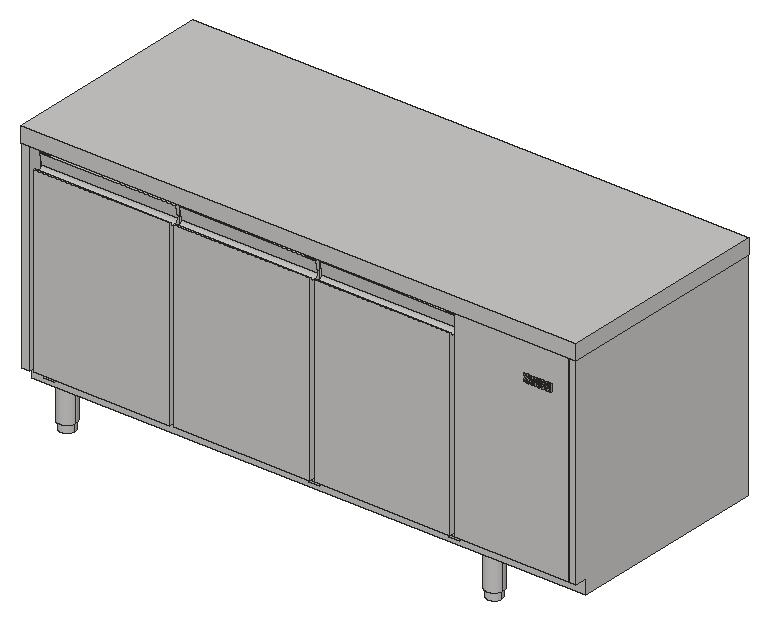
Revit family "QF_ZANUSSI_111040_ZH3HDAAA", category Specialty Equipment, Revit 2018
Family settings
  Round Connector Dimension = Use Diameter
  Part Type = Normal
  Work Plane-Based = No
  Always vertical = Yes
  Cut with Voids When Loaded = No
  Shared = No
  Room Calculation Point = No
Parameters
  Weight = 0.00 kg
  Watts = 0.0232258 W
  Volts = 220 V
  URL Manufacturer = "http://www.zanussiprofessional.com/"
  URL = "http://www.zanussiprofessional.com/"
  Steam Supply Size = 0 mm
  Steam Supply Minimum Pressure = 0.0 Pa
  Steam Supply Maximum Pressure = 0.0 Pa
  Steam Pounds per Hour = 0
  Show Logo [instance] = yes
  Show Clearance [instance] = yes
  Refrigeration Suction Line Size = 0 mm
  Refrigeration Liquid Line Size = 0 mm
  Refrigerant Compressor Remote = yes
  Manufacturer = "Zanussi"
  Phase = 1
  Model = "ZH3HDAAA"
  Length Actual = 1799 mm  # constant formula
  Item Number = "111040"
  Hot Water Size = 0 mm
  Height Actual = 900 mm  # constant formula
  HP = "0.3 HP"
  Gas Size = 0 mm
  Gas KW = 0
  Gas Input Pressure = 0 W
  Description = "3 DOORS REFR.TABLE 440L-COOLING UNIT RGT"
  Depth Actual = 700 mm  # constant formula
  Cycle = 50 Hz
  Condensate Return Size = 0 mm
  Compressed Air Volume = 0.0 L/s
  Compressed Air Size = 0 mm
  Compressed Air Pressure = 0.0 Pa
  Cold Water Size = 0 mm
  Accessory = yes
Reference planes
  plane 1 "Center X": y = 182.5
  plane 2: z = 0
  plane 3 "Center Y": x = -353.5
  plane 4: y = -62.5
  plane 5: y = 451.5
  plane 6 "BACK": y = 532.5
  plane 7 "FRONT": y = -167.5
  plane 8: x = -1185
  plane 9: x = 199
  plane 10: z = 150
  plane 11 "TOP": z = 900
  plane 12: z = 850
  plane 13 "LEFT": x = -1251
  plane 14 "RIGHT": x = 544
  plane 15: x = -1253
  plane 16: x = 546
Forms (mm)
  Extrusion 1, solid, material "QF_Finishes_Stainless Steel"
    sketch origin (-353.5, 2, 0) x (0, 1, 0) y (0, 0, 1)
      loop
        line (530.5, 150) -> (530.5, 850) -> (-124.5, 850) -> (-124.5, 150) -> (530.5, 150)
    from -897.5 to 897.5
  Extrusion 2, solid, material "QF_Finishes_Stainless Steel"
    sketch origin (-1022.223, -1524, 150) x (-1, 0, 0) y (0, -1, 0)
      loop
        line (228.777, -1361.5) -> (203.777, -1361.5) -> (203.777, -1401.5) -> (228.777, -1401.5) -> (228.777, -1361.5)
      loop
        line (-1566.223, -1401.5) -> (-1541.223, -1401.5) -> (-1541.223, -1361.5) -> (-1566.223, -1361.5) -> (-1566.223, -1401.5)
    from 47 to 700
  Extrusion 3, solid, material "QF_Finishes_Stainless Steel"
    sketch origin (0, 0, 900) x (-1, 0, 0) y (0, -1, 0)
      loop
        circle (537, -94.5) r 8.45
    from -790.577 to -750
  Extrusion 4, solid, material "QF_Finishes_Stainless Steel"
    sketch origin (0, 0, 0) x (1, 0, 0) y (0, 1, 0)
      loop
        circle (460, 451.5) r 4
    from 109.423 to 150
  Extrusion 5, solid, material "QF_Finishes_Stainless Steel"
    sketch origin (-126.5, 0, 0) x (0, 1, 0) y (0, 0, 1)
      loop
        line (-167.5, 900) -> (-167.5, 850) -> (532.5, 850) -> (532.5, 900) -> (-167.5, 900)
    from 672.5 to -1126.5
Cuts and joins
  joined: Extrusion 1, Extrusion 2
Lines and regions (mm)
  symbolic lines, style "SpecialityEquipmentHiddenLines"
    curve 1: line (-1253, -122.5, 900) -> (546, -122.5, 900)
    curve 2: line (-1129, -167.5, 900) -> (-1129, -122.5, 900)
  symbolic lines, style "SpecialityEquipment"
    curve 3: line (-1253, 532.5, 900) -> (546, 532.5, 900)
    curve 4: line (-1253, 532.5, 900) -> (-1253, -167.5, 900)
    curve 5: line (-1253, -167.5, 900) -> (546, -167.5, 900)
    curve 6: line (546, -167.5, 900) -> (546, 532.5, 900)
Dimensions and locks
  locked: plane 6 "BACK" to plane 7 "FRONT" at 700
  equal spacing: plane 6 "BACK", plane 1 "Center X", plane 7 "FRONT"
  locked: plane 6 "BACK" to plane 5 at 81
  plane 10 to level = 150 mm
  plane 11 "TOP" to plane 12 to plane 10 = 50 mm locked, 700 mm locked
  locked: Extrusion 2 sketch curve to Extrusion 2 sketch curve at 25  (x2)
  locked: plane 4 to plane 7 "FRONT" at 105
  locked: plane 6 "BACK" to Extrusion 3 sketch curve at 438
  equal spacing: plane 13 "LEFT", plane 3 "Center Y", plane 14 "RIGHT"
  plane 15 to plane 16 = 1799 mm
  plane 13 "LEFT" to plane 8 = 66 mm
  plane 9 to plane 14 "RIGHT" = 345 mm
  cut or joined group of Extrusion 1, Extrusion 2 to Extrusion 3 sketch curve = 714 mm
  Extrusion 4 sketch curve to cut or joined group of Extrusion 1, Extrusion 2 = 84 mm
  locked: plane 6 "BACK" to Extrusion 4 sketch curve at 81
  locked: plane 10 to Extrusion 4 at 40.577
  aligned and locked: level to plane 2
  aligned and locked: plane 10 to Extrusion 3
  aligned and locked: nested 4 to plane 4
  aligned and locked: nested 1 to plane 4
  aligned and locked: nested 3 to plane 5
  aligned and locked: nested 2 to plane 5
  aligned and locked: plane 8 to nested 1
  aligned and locked: plane 8 to nested 2
  aligned and locked: plane 9 to nested 4
  aligned and locked: plane 9 to nested 3
  aligned and locked: Extrusion 1 to Extrusion 2
  aligned and locked: Extrusion 2 to Extrusion 1
  aligned and locked: Extrusion 2 sketch curve to plane 14 "RIGHT"
  aligned and locked: plane 13 "LEFT" to Extrusion 2 sketch curve
  aligned and locked: cut or joined group of Extrusion 1, Extrusion 2 to plane 10
  aligned and locked: plane 12 to cut or joined group of Extrusion 1, Extrusion 2
  aligned and locked: plane 10 to Extrusion 4
Automatic sketch dimensions
  plane 7 "FRONT" to Extrusion 2 sketch curve = 45 mm  (x2)
  plane 7 "FRONT" to Extrusion 2 sketch curve = 5 mm  (x2)
  Extrusion 1 sketch curve to plane 10 = 0 mm
  Extrusion 1 sketch curve to plane 12 = 0 mm
  Extrusion 1 sketch curve to plane 6 "BACK" = 0 mm
  plane 7 "FRONT" to Extrusion 1 sketch curve = 45 mm
  Extrusion 5 sketch curve to plane 7 "FRONT" = 0 mm
  Extrusion 5 sketch curve to plane 6 "BACK" = 0 mm
  Extrusion 5 sketch curve to plane 12 = 0 mm
  Extrusion 5 sketch curve to plane 11 "TOP" = 0 mm
  curve 6 to plane 6 "BACK" = 0 mm
  curve 6 to plane 16 = 0 mm
  curve 2 to plane 7 "FRONT" = 0 mm
  curve 5 to plane 15 = 0 mm
  plane 8 to curve 2 = 56 mm
  plane 7 "FRONT" to curve 1 = 45 mm
  radius of Extrusion 3 sketch curve = 8.45 mm
  radius of Extrusion 4 sketch curve = 4 mm
Nested families
  nested 1: "Foot_Ø50_H150" at (-1185, -62.5, 0), type "Foot_Ø50_H150"
  nested 2: "Foot_Ø50_H150" at (-1185, 451.5, 0), type "Foot_Ø50_H150"
  nested 3: "Foot_Ø50_H150" at (199, 451.5, 0), type "Foot_Ø50_H150"
  nested 4: "Foot_Ø50_H150" at (199, -62.5, 0), type "Foot_Ø50_H150"
  nested 5: "Door" at (-84, -164.5, 0), Show Clearance <- "Show Clearance", type "Door"
  nested 6: "Door" at (-538, -164.5, 0), Show Clearance <- "Show Clearance", type "Door"
  nested 7: "Refrigerator" at (544, -167.5, 900), type "Refrigerator"
  nested 8: "ZAN_Cooling Unit" at (334.5, -164.5, 0), Show Logo <- "Show Logo", type "ZAN_Cooling Unit"
  nested 9: "Door" at (-992, -164.5, 0) x (-1, 0, 0) z (0, 0, 1), Show Clearance <- "Show Clearance", type "Door"
Connectors
  electrical at (460, 451.5, 109.423), driven by "Volts"
    settings: on Extrusion 4, index 4, voltage 220 V, apparent load 0 VA, apparent load phase1 0 VA, apparent load phase2 0 VA, apparent load phase3 0 VA, power factor 1, load classification "Altro", number of poles 1, system type 30, power factor state 1, is connector primary yes, connector utility no, sub classification motor no, connector description "Electrical Connection"
  piping at (-537, 94.5, 109.423), diameter 17
    settings: on Extrusion 3, index 5, connector inside diameter 609.6 mm, connector length 0 mm, flow factor 0, pipe flow 0.0 L/s, pressure drop 0.0 Pa, fitting loss kfactor 0, connector angle 0.00°, fixture units 0, engagement length 0 mm, angle of deflection 0.00°, flow configuration 1, flow direction 2, fitting loss method 0, system type 16, joint type 0, gender type 0, connector reference index -1, connector utility 0, adjustable connector no, is connector primary yes, connector description "Drain"
Definition of nested family "Foot_Ø50_H150"
  Reference planes
    plane 1 "Centro (Fronte/Retro)": y = 0
    plane 2: z = 0
    plane 3 "Centro (Sinistra/Destra)": x = 0
    plane 4: z = 150
  Forms (mm)
    Revolve 1, solid
      sketch origin (255.05, 0, 608.09) x (0, 0, 1) y (-1, 0, 0)
        loop
          line (-608.09, 255.05) -> (-608.09, 230.05) -> (-583.09, 230.05) -> (-583.09, 226.05) -> (-458.09, 226.05) -> (-458.09, 255.05) -> (-608.09, 255.05)
        axis (-608.09, 255.05) -> (-458.09, 255.05)
      angle from 0 to 360
  Dimensions and locks
    locked: Revolve 1 sketch curve to Revolve 1 sketch curve at 125
    aligned and locked: level to plane 2
    aligned and locked: plane 4 to Revolve 1 sketch curve
    aligned and locked: Revolve 1 sketch curve to level
    aligned and locked: plane 3 "Centro (Sinistra/Destra)" to Revolve 1 sketch curve
Definition of nested family "Door"
  Parameters
    Show Clearance [instance] = yes
  Reference planes
    plane 1 "FRONT": y = -3
    plane 2: z = 0
    plane 3 "Centro (Sinistra/Destra)": x = 0
    plane 4: z = 150
    plane 5: z = 850
    plane 6: x = -234
    plane 7: x = 234
    plane 8: x = -220
    plane 9: x = 220
  Forms (mm)
    Extrusion 1, solid
      sketch origin (0, 53, 511) x (0, 0, 1) y (0, -1, 0)
        loop
          line (-323.003, 28.5) -> (-316.501, 28.5) -> (-316.501, 31) -> (-325.503, 31) -> (-325.503, 13.5) -> (-345.503, 13.5) -> (-345.503, 11) -> (-323.003, 11) -> (-323.003, 23.259) -> (-323.003, 28.5)
        loop
          line (-314, 27) -> (-316.501, 27) -> (-316.501, 18.501) -> (-319.752, 18.501) -> (-319.752, 16) -> (-314, 16) -> (-314, 27)
        loop
          line (315.003, 27) -> (315.003, 13.948) -> (315.003, 11) -> (327.503, 11) -> (327.503, 13.5) -> (317.503, 13.5) -> (317.503, 27) -> (315.003, 27)
      from 185 to 220
    Extrusion 2, solid, visible <- "Show Clearance", detail levels coarse
      sketch origin (0, 53, 511) x (0, -1, 0) y (1, 0, 0)
        loop
          line (51, 220) -> (51, -220)
          arc (51, -220) -> (339.234, -79.44) -> (454, 220) r 437.168
          line (454, 220) -> (51, 220)
      from -314 to 314
    Extrusion 3, solid
      sketch origin (0, 55, 511) x (0, 0, 1) y (0, -1, 0)
        loop
          line (314, 18) -> (314, 29) -> (274.395, 22.5)
          arc (274.395, 22.5) -> (260.395, 36.5) -> (274.395, 50.5) r 14
          line (274.395, 50.5) -> (274.395, 53) -> (-314, 53) -> (-314, 18) -> (314, 18)
      from -220 to 220
  Lines and regions (mm)
    symbolic lines
      curve 1: line (220, -3, 0) -> (220, -401, 0)
      curve 2: line (220, -401, 0) -> (185, -401, 0)
      curve 3: line (185, -401, 0) -> (185, -3, 0)
      curve 4: arc (-219.722, -3, 0) -> (-89.51, -275.368, 0) -> (185, -401, 0) r 442.855
  Dimensions and locks
    aligned and locked: level to plane 2
Definition of nested family "ZAN_Cooling Unit"
  Parameters
    Show Logo [instance] = yes
  Reference planes
    plane 1 "FRONT": y = -3
    plane 2: z = 0
    plane 3 "Centro (Sinistra/Destra)": x = 0
    plane 4: z = 150
    plane 5: z = 850
    plane 6: x = -184.5
    plane 7: x = 184.5
  Forms (mm)
    Extrusion 1, solid
      sketch origin (0, 55, 511) x (0, 0, 1) y (0, -1, 0)
        loop
          line (-314, 53) -> (-314, 13) -> (339, 13) -> (339, 53) -> (-314, 53)
      from -184.5 to 184.5
  Lines and regions (mm)
    Split face 1
      outline origin (0, 2, 197) x (0, 0, 1) y (-1, 0, 0)
        loop
          line (566.835, 184.5) -> (566.835, -184.5)
        loop
          line (521.835, 184.5) -> (521.835, -184.5)
    Split face 2
      outline origin (0, 2, 197) x (0, 0, 1) y (-1, 0, 0)
        loop
          arc (510.649, 158.547) -> (506.648, 162.548) -> (502.647, 158.547) r 4.001
          line (502.647, 158.547) -> (502.647, 116.535)
          arc (502.647, 116.535) -> (506.648, 112.533) -> (510.649, 116.535) r 4.001
          line (510.649, 116.535) -> (510.649, 158.547)
    Split face 3
      outline origin (0, 2, 184.996) x (0, 0, 1) y (-1, 0, 0)
        loop
          arc (510.649, 158.547) -> (506.648, 162.548) -> (502.647, 158.547) r 4.001
          line (502.647, 158.547) -> (502.647, 116.535)
          arc (502.647, 116.535) -> (506.648, 112.533) -> (510.649, 116.535) r 4.001
          line (510.649, 116.535) -> (510.649, 158.547)
    Split face 4
      outline origin (0, 2, 172.993) x (0, 0, 1) y (-1, 0, 0)
        loop
          arc (510.649, 158.547) -> (506.648, 162.548) -> (502.647, 158.547) r 4.001
          line (502.647, 158.547) -> (502.647, 116.535)
          arc (502.647, 116.535) -> (506.648, 112.533) -> (510.649, 116.535) r 4.001
          line (510.649, 116.535) -> (510.649, 158.547)
    Split face 5
      outline origin (0, 2, 160.989) x (0, 0, 1) y (-1, 0, 0)
        loop
          arc (510.649, 158.547) -> (506.648, 162.548) -> (502.647, 158.547) r 4.001
          line (502.647, 158.547) -> (502.647, 116.535)
          arc (502.647, 116.535) -> (506.648, 112.533) -> (510.649, 116.535) r 4.001
          line (510.649, 116.535) -> (510.649, 158.547)
    Split face 6
      outline origin (0, 2, 148.986) x (0, 0, 1) y (-1, 0, 0)
        loop
          arc (510.649, 158.547) -> (506.648, 162.548) -> (502.647, 158.547) r 4.001
          line (502.647, 158.547) -> (502.647, 116.535)
          arc (502.647, 116.535) -> (506.648, 112.533) -> (510.649, 116.535) r 4.001
          line (510.649, 116.535) -> (510.649, 158.547)
    Split face 7
      outline origin (0, 2, 136.982) x (0, 0, 1) y (-1, 0, 0)
        loop
          arc (510.649, 158.547) -> (506.648, 162.548) -> (502.647, 158.547) r 4.001
          line (502.647, 158.547) -> (502.647, 116.535)
          arc (502.647, 116.535) -> (506.648, 112.533) -> (510.649, 116.535) r 4.001
          line (510.649, 116.535) -> (510.649, 158.547)
    Split face 8
      outline origin (0, 2, 124.979) x (0, 0, 1) y (-1, 0, 0)
        loop
          arc (510.649, 158.547) -> (506.648, 162.548) -> (502.647, 158.547) r 4.001
          line (502.647, 158.547) -> (502.647, 116.535)
          arc (502.647, 116.535) -> (506.648, 112.533) -> (510.649, 116.535) r 4.001
          line (510.649, 116.535) -> (510.649, 158.547)
    Split face 9
      outline origin (0, 2, 112.975) x (0, 0, 1) y (-1, 0, 0)
        loop
          arc (510.649, 158.547) -> (506.648, 162.548) -> (502.647, 158.547) r 4.001
          line (502.647, 158.547) -> (502.647, 116.535)
          arc (502.647, 116.535) -> (506.648, 112.533) -> (510.649, 116.535) r 4.001
          line (510.649, 116.535) -> (510.649, 158.547)
    Split face 10
      outline origin (0, 2, 100.972) x (0, 0, 1) y (-1, 0, 0)
        loop
          arc (510.649, 158.547) -> (506.648, 162.548) -> (502.647, 158.547) r 4.001
          line (502.647, 158.547) -> (502.647, 116.535)
          arc (502.647, 116.535) -> (506.648, 112.533) -> (510.649, 116.535) r 4.001
          line (510.649, 116.535) -> (510.649, 158.547)
    Split face 11
      outline origin (0, 2, 88.968) x (0, 0, 1) y (-1, 0, 0)
        loop
          arc (510.649, 158.547) -> (506.648, 162.548) -> (502.647, 158.547) r 4.001
          line (502.647, 158.547) -> (502.647, 116.535)
          arc (502.647, 116.535) -> (506.648, 112.533) -> (510.649, 116.535) r 4.001
          line (510.649, 116.535) -> (510.649, 158.547)
    Split face 12
      outline origin (0, 2, 76.965) x (0, 0, 1) y (-1, 0, 0)
        loop
          arc (510.649, 158.547) -> (506.648, 162.548) -> (502.647, 158.547) r 4.001
          line (502.647, 158.547) -> (502.647, 116.535)
          arc (502.647, 116.535) -> (506.648, 112.533) -> (510.649, 116.535) r 4.001
          line (510.649, 116.535) -> (510.649, 158.547)
    Split face 13
      outline origin (0, 2, 64.961) x (0, 0, 1) y (-1, 0, 0)
        loop
          arc (510.649, 158.547) -> (506.648, 162.548) -> (502.647, 158.547) r 4.001
          line (502.647, 158.547) -> (502.647, 116.535)
          arc (502.647, 116.535) -> (506.648, 112.533) -> (510.649, 116.535) r 4.001
          line (510.649, 116.535) -> (510.649, 158.547)
    Split face 14
      outline origin (0, 2, 52.958) x (0, 0, 1) y (-1, 0, 0)
        loop
          arc (510.649, 158.547) -> (506.648, 162.548) -> (502.647, 158.547) r 4.001
          line (502.647, 158.547) -> (502.647, 116.535)
          arc (502.647, 116.535) -> (506.648, 112.533) -> (510.649, 116.535) r 4.001
          line (510.649, 116.535) -> (510.649, 158.547)
    Split face 15
      outline origin (0, 2, 40.954) x (0, 0, 1) y (-1, 0, 0)
        loop
          arc (510.649, 158.547) -> (506.648, 162.548) -> (502.647, 158.547) r 4.001
          line (502.647, 158.547) -> (502.647, 116.535)
          arc (502.647, 116.535) -> (506.648, 112.533) -> (510.649, 116.535) r 4.001
          line (510.649, 116.535) -> (510.649, 158.547)
    Split face 16
      outline origin (0, 2, 28.951) x (0, 0, 1) y (-1, 0, 0)
        loop
          arc (510.649, 158.547) -> (506.648, 162.548) -> (502.647, 158.547) r 4.001
          line (502.647, 158.547) -> (502.647, 116.535)
          arc (502.647, 116.535) -> (506.648, 112.533) -> (510.649, 116.535) r 4.001
          line (510.649, 116.535) -> (510.649, 158.547)
    Split face 17
      outline origin (0, 2, 16.947) x (0, 0, 1) y (-1, 0, 0)
        loop
          arc (510.649, 158.547) -> (506.648, 162.548) -> (502.647, 158.547) r 4.001
          line (502.647, 158.547) -> (502.647, 116.535)
          arc (502.647, 116.535) -> (506.648, 112.533) -> (510.649, 116.535) r 4.001
          line (510.649, 116.535) -> (510.649, 158.547)
    Split face 18
      outline origin (55.016, 2, 197) x (0, 0, 1) y (-1, 0, 0)
        loop
          arc (510.649, 158.547) -> (506.648, 162.548) -> (502.647, 158.547) r 4.001
          line (502.647, 158.547) -> (502.647, 116.535)
          arc (502.647, 116.535) -> (506.648, 112.533) -> (510.649, 116.535) r 4.001
          line (510.649, 116.535) -> (510.649, 158.547)
    Split face 19
      outline origin (55.016, 2, 184.996) x (0, 0, 1) y (-1, 0, 0)
        loop
          arc (510.649, 158.547) -> (506.648, 162.548) -> (502.647, 158.547) r 4.001
          line (502.647, 158.547) -> (502.647, 116.535)
          arc (502.647, 116.535) -> (506.648, 112.533) -> (510.649, 116.535) r 4.001
          line (510.649, 116.535) -> (510.649, 158.547)
    Split face 20
      outline origin (55.016, 2, 172.993) x (0, 0, 1) y (-1, 0, 0)
        loop
          arc (510.649, 158.547) -> (506.648, 162.548) -> (502.647, 158.547) r 4.001
          line (502.647, 158.547) -> (502.647, 116.535)
          arc (502.647, 116.535) -> (506.648, 112.533) -> (510.649, 116.535) r 4.001
          line (510.649, 116.535) -> (510.649, 158.547)
    Split face 21
      outline origin (55.016, 2, 160.989) x (0, 0, 1) y (-1, 0, 0)
        loop
          arc (510.649, 158.547) -> (506.648, 162.548) -> (502.647, 158.547) r 4.001
          line (502.647, 158.547) -> (502.647, 116.535)
          arc (502.647, 116.535) -> (506.648, 112.533) -> (510.649, 116.535) r 4.001
          line (510.649, 116.535) -> (510.649, 158.547)
    Split face 22
      outline origin (55.016, 2, 148.986) x (0, 0, 1) y (-1, 0, 0)
        loop
          arc (510.649, 158.547) -> (506.648, 162.548) -> (502.647, 158.547) r 4.001
          line (502.647, 158.547) -> (502.647, 116.535)
          arc (502.647, 116.535) -> (506.648, 112.533) -> (510.649, 116.535) r 4.001
          line (510.649, 116.535) -> (510.649, 158.547)
    Split face 23
      outline origin (55.016, 2, 136.982) x (0, 0, 1) y (-1, 0, 0)
        loop
          arc (510.649, 158.547) -> (506.648, 162.548) -> (502.647, 158.547) r 4.001
          line (502.647, 158.547) -> (502.647, 116.535)
          arc (502.647, 116.535) -> (506.648, 112.533) -> (510.649, 116.535) r 4.001
          line (510.649, 116.535) -> (510.649, 158.547)
    Split face 24
      outline origin (55.016, 2, 124.979) x (0, 0, 1) y (-1, 0, 0)
        loop
          arc (510.649, 158.547) -> (506.648, 162.548) -> (502.647, 158.547) r 4.001
          line (502.647, 158.547) -> (502.647, 116.535)
          arc (502.647, 116.535) -> (506.648, 112.533) -> (510.649, 116.535) r 4.001
          line (510.649, 116.535) -> (510.649, 158.547)
    Split face 25
      outline origin (55.016, 2, 112.975) x (0, 0, 1) y (-1, 0, 0)
        loop
          arc (510.649, 158.547) -> (506.648, 162.548) -> (502.647, 158.547) r 4.001
          line (502.647, 158.547) -> (502.647, 116.535)
          arc (502.647, 116.535) -> (506.648, 112.533) -> (510.649, 116.535) r 4.001
          line (510.649, 116.535) -> (510.649, 158.547)
    Split face 26
      outline origin (55.016, 2, 100.972) x (0, 0, 1) y (-1, 0, 0)
        loop
          arc (510.649, 158.547) -> (506.648, 162.548) -> (502.647, 158.547) r 4.001
          line (502.647, 158.547) -> (502.647, 116.535)
          arc (502.647, 116.535) -> (506.648, 112.533) -> (510.649, 116.535) r 4.001
          line (510.649, 116.535) -> (510.649, 158.547)
    Split face 27
      outline origin (55.016, 2, 88.968) x (0, 0, 1) y (-1, 0, 0)
        loop
          arc (510.649, 158.547) -> (506.648, 162.548) -> (502.647, 158.547) r 4.001
          line (502.647, 158.547) -> (502.647, 116.535)
          arc (502.647, 116.535) -> (506.648, 112.533) -> (510.649, 116.535) r 4.001
          line (510.649, 116.535) -> (510.649, 158.547)
    Split face 28
      outline origin (55.016, 2, 76.965) x (0, 0, 1) y (-1, 0, 0)
        loop
          arc (510.649, 158.547) -> (506.648, 162.548) -> (502.647, 158.547) r 4.001
          line (502.647, 158.547) -> (502.647, 116.535)
          arc (502.647, 116.535) -> (506.648, 112.533) -> (510.649, 116.535) r 4.001
          line (510.649, 116.535) -> (510.649, 158.547)
    Split face 29
      outline origin (55.016, 2, 64.961) x (0, 0, 1) y (-1, 0, 0)
        loop
          arc (510.649, 158.547) -> (506.648, 162.548) -> (502.647, 158.547) r 4.001
          line (502.647, 158.547) -> (502.647, 116.535)
          arc (502.647, 116.535) -> (506.648, 112.533) -> (510.649, 116.535) r 4.001
          line (510.649, 116.535) -> (510.649, 158.547)
    Split face 30
      outline origin (55.016, 2, 52.958) x (0, 0, 1) y (-1, 0, 0)
        loop
          arc (510.649, 158.547) -> (506.648, 162.548) -> (502.647, 158.547) r 4.001
          line (502.647, 158.547) -> (502.647, 116.535)
          arc (502.647, 116.535) -> (506.648, 112.533) -> (510.649, 116.535) r 4.001
          line (510.649, 116.535) -> (510.649, 158.547)
    Split face 31
      outline origin (55.016, 2, 40.954) x (0, 0, 1) y (-1, 0, 0)
        loop
          arc (510.649, 158.547) -> (506.648, 162.548) -> (502.647, 158.547) r 4.001
          line (502.647, 158.547) -> (502.647, 116.535)
          arc (502.647, 116.535) -> (506.648, 112.533) -> (510.649, 116.535) r 4.001
          line (510.649, 116.535) -> (510.649, 158.547)
    Split face 32
      outline origin (55.016, 2, 28.951) x (0, 0, 1) y (-1, 0, 0)
        loop
          arc (510.649, 158.547) -> (506.648, 162.548) -> (502.647, 158.547) r 4.001
          line (502.647, 158.547) -> (502.647, 116.535)
          arc (502.647, 116.535) -> (506.648, 112.533) -> (510.649, 116.535) r 4.001
          line (510.649, 116.535) -> (510.649, 158.547)
    Split face 33
      outline origin (55.016, 2, 16.947) x (0, 0, 1) y (-1, 0, 0)
        loop
          arc (510.649, 158.547) -> (506.648, 162.548) -> (502.647, 158.547) r 4.001
          line (502.647, 158.547) -> (502.647, 116.535)
          arc (502.647, 116.535) -> (506.648, 112.533) -> (510.649, 116.535) r 4.001
          line (510.649, 116.535) -> (510.649, 158.547)
    Split face 34
      outline origin (110.032, 2, 197) x (0, 0, 1) y (-1, 0, 0)
        loop
          arc (510.649, 158.547) -> (506.648, 162.548) -> (502.647, 158.547) r 4.001
          line (502.647, 158.547) -> (502.647, 116.535)
          arc (502.647, 116.535) -> (506.648, 112.533) -> (510.649, 116.535) r 4.001
          line (510.649, 116.535) -> (510.649, 158.547)
    Split face 35
      outline origin (110.032, 2, 184.996) x (0, 0, 1) y (-1, 0, 0)
        loop
          arc (510.649, 158.547) -> (506.648, 162.548) -> (502.647, 158.547) r 4.001
          line (502.647, 158.547) -> (502.647, 116.535)
          arc (502.647, 116.535) -> (506.648, 112.533) -> (510.649, 116.535) r 4.001
          line (510.649, 116.535) -> (510.649, 158.547)
    Split face 36
      outline origin (110.032, 2, 172.993) x (0, 0, 1) y (-1, 0, 0)
        loop
          arc (510.649, 158.547) -> (506.648, 162.548) -> (502.647, 158.547) r 4.001
          line (502.647, 158.547) -> (502.647, 116.535)
          arc (502.647, 116.535) -> (506.648, 112.533) -> (510.649, 116.535) r 4.001
          line (510.649, 116.535) -> (510.649, 158.547)
    Split face 37
      outline origin (110.032, 2, 160.989) x (0, 0, 1) y (-1, 0, 0)
        loop
          arc (510.649, 158.547) -> (506.648, 162.548) -> (502.647, 158.547) r 4.001
          line (502.647, 158.547) -> (502.647, 116.535)
          arc (502.647, 116.535) -> (506.648, 112.533) -> (510.649, 116.535) r 4.001
          line (510.649, 116.535) -> (510.649, 158.547)
    Split face 38
      outline origin (110.032, 2, 148.986) x (0, 0, 1) y (-1, 0, 0)
        loop
          arc (510.649, 158.547) -> (506.648, 162.548) -> (502.647, 158.547) r 4.001
          line (502.647, 158.547) -> (502.647, 116.535)
          arc (502.647, 116.535) -> (506.648, 112.533) -> (510.649, 116.535) r 4.001
          line (510.649, 116.535) -> (510.649, 158.547)
    Split face 39
      outline origin (110.032, 2, 136.982) x (0, 0, 1) y (-1, 0, 0)
        loop
          arc (510.649, 158.547) -> (506.648, 162.548) -> (502.647, 158.547) r 4.001
          line (502.647, 158.547) -> (502.647, 116.535)
          arc (502.647, 116.535) -> (506.648, 112.533) -> (510.649, 116.535) r 4.001
          line (510.649, 116.535) -> (510.649, 158.547)
    Split face 40
      outline origin (110.032, 2, 124.979) x (0, 0, 1) y (-1, 0, 0)
        loop
          arc (510.649, 158.547) -> (506.648, 162.548) -> (502.647, 158.547) r 4.001
          line (502.647, 158.547) -> (502.647, 116.535)
          arc (502.647, 116.535) -> (506.648, 112.533) -> (510.649, 116.535) r 4.001
          line (510.649, 116.535) -> (510.649, 158.547)
    Split face 41
      outline origin (110.032, 2, 112.975) x (0, 0, 1) y (-1, 0, 0)
        loop
          arc (510.649, 158.547) -> (506.648, 162.548) -> (502.647, 158.547) r 4.001
          line (502.647, 158.547) -> (502.647, 116.535)
          arc (502.647, 116.535) -> (506.648, 112.533) -> (510.649, 116.535) r 4.001
          line (510.649, 116.535) -> (510.649, 158.547)
    Split face 42
      outline origin (110.032, 2, 100.972) x (0, 0, 1) y (-1, 0, 0)
        loop
          arc (510.649, 158.547) -> (506.648, 162.548) -> (502.647, 158.547) r 4.001
          line (502.647, 158.547) -> (502.647, 116.535)
          arc (502.647, 116.535) -> (506.648, 112.533) -> (510.649, 116.535) r 4.001
          line (510.649, 116.535) -> (510.649, 158.547)
    Split face 43
      outline origin (110.032, 2, 88.968) x (0, 0, 1) y (-1, 0, 0)
        loop
          arc (510.649, 158.547) -> (506.648, 162.548) -> (502.647, 158.547) r 4.001
          line (502.647, 158.547) -> (502.647, 116.535)
          arc (502.647, 116.535) -> (506.648, 112.533) -> (510.649, 116.535) r 4.001
          line (510.649, 116.535) -> (510.649, 158.547)
    Split face 44
      outline origin (110.032, 2, 76.965) x (0, 0, 1) y (-1, 0, 0)
        loop
          arc (510.649, 158.547) -> (506.648, 162.548) -> (502.647, 158.547) r 4.001
          line (502.647, 158.547) -> (502.647, 116.535)
          arc (502.647, 116.535) -> (506.648, 112.533) -> (510.649, 116.535) r 4.001
          line (510.649, 116.535) -> (510.649, 158.547)
    Split face 45
      outline origin (110.032, 2, 64.961) x (0, 0, 1) y (-1, 0, 0)
        loop
          arc (510.649, 158.547) -> (506.648, 162.548) -> (502.647, 158.547) r 4.001
          line (502.647, 158.547) -> (502.647, 116.535)
          arc (502.647, 116.535) -> (506.648, 112.533) -> (510.649, 116.535) r 4.001
          line (510.649, 116.535) -> (510.649, 158.547)
    Split face 46
      outline origin (110.032, 2, 52.958) x (0, 0, 1) y (-1, 0, 0)
        loop
          arc (510.649, 158.547) -> (506.648, 162.548) -> (502.647, 158.547) r 4.001
          line (502.647, 158.547) -> (502.647, 116.535)
          arc (502.647, 116.535) -> (506.648, 112.533) -> (510.649, 116.535) r 4.001
          line (510.649, 116.535) -> (510.649, 158.547)
    Split face 47
      outline origin (110.032, 2, 40.954) x (0, 0, 1) y (-1, 0, 0)
        loop
          arc (510.649, 158.547) -> (506.648, 162.548) -> (502.647, 158.547) r 4.001
          line (502.647, 158.547) -> (502.647, 116.535)
          arc (502.647, 116.535) -> (506.648, 112.533) -> (510.649, 116.535) r 4.001
          line (510.649, 116.535) -> (510.649, 158.547)
    Split face 48
      outline origin (110.032, 2, 28.951) x (0, 0, 1) y (-1, 0, 0)
        loop
          arc (510.649, 158.547) -> (506.648, 162.548) -> (502.647, 158.547) r 4.001
          line (502.647, 158.547) -> (502.647, 116.535)
          arc (502.647, 116.535) -> (506.648, 112.533) -> (510.649, 116.535) r 4.001
          line (510.649, 116.535) -> (510.649, 158.547)
    Split face 49
      outline origin (110.032, 2, 16.947) x (0, 0, 1) y (-1, 0, 0)
        loop
          arc (510.649, 158.547) -> (506.648, 162.548) -> (502.647, 158.547) r 4.001
          line (502.647, 158.547) -> (502.647, 116.535)
          arc (502.647, 116.535) -> (506.648, 112.533) -> (510.649, 116.535) r 4.001
          line (510.649, 116.535) -> (510.649, 158.547)
    Split face 50
      outline origin (165.048, 2, 197) x (0, 0, 1) y (-1, 0, 0)
        loop
          arc (510.649, 158.547) -> (506.648, 162.548) -> (502.647, 158.547) r 4.001
          line (502.647, 158.547) -> (502.647, 116.535)
          arc (502.647, 116.535) -> (506.648, 112.533) -> (510.649, 116.535) r 4.001
          line (510.649, 116.535) -> (510.649, 158.547)
    Split face 51
      outline origin (165.048, 2, 184.996) x (0, 0, 1) y (-1, 0, 0)
        loop
          arc (510.649, 158.547) -> (506.648, 162.548) -> (502.647, 158.547) r 4.001
          line (502.647, 158.547) -> (502.647, 116.535)
          arc (502.647, 116.535) -> (506.648, 112.533) -> (510.649, 116.535) r 4.001
          line (510.649, 116.535) -> (510.649, 158.547)
    Split face 52
      outline origin (165.048, 2, 172.993) x (0, 0, 1) y (-1, 0, 0)
        loop
          arc (510.649, 158.547) -> (506.648, 162.548) -> (502.647, 158.547) r 4.001
          line (502.647, 158.547) -> (502.647, 116.535)
          arc (502.647, 116.535) -> (506.648, 112.533) -> (510.649, 116.535) r 4.001
          line (510.649, 116.535) -> (510.649, 158.547)
    Split face 53
      outline origin (165.048, 2, 160.989) x (0, 0, 1) y (-1, 0, 0)
        loop
          arc (510.649, 158.547) -> (506.648, 162.548) -> (502.647, 158.547) r 4.001
          line (502.647, 158.547) -> (502.647, 116.535)
          arc (502.647, 116.535) -> (506.648, 112.533) -> (510.649, 116.535) r 4.001
          line (510.649, 116.535) -> (510.649, 158.547)
    Split face 54
      outline origin (165.048, 2, 148.986) x (0, 0, 1) y (-1, 0, 0)
        loop
          arc (510.649, 158.547) -> (506.648, 162.548) -> (502.647, 158.547) r 4.001
          line (502.647, 158.547) -> (502.647, 116.535)
          arc (502.647, 116.535) -> (506.648, 112.533) -> (510.649, 116.535) r 4.001
          line (510.649, 116.535) -> (510.649, 158.547)
    Split face 55
      outline origin (165.048, 2, 136.982) x (0, 0, 1) y (-1, 0, 0)
        loop
          arc (510.649, 158.547) -> (506.648, 162.548) -> (502.647, 158.547) r 4.001
          line (502.647, 158.547) -> (502.647, 116.535)
          arc (502.647, 116.535) -> (506.648, 112.533) -> (510.649, 116.535) r 4.001
          line (510.649, 116.535) -> (510.649, 158.547)
    Split face 56
      outline origin (165.048, 2, 124.979) x (0, 0, 1) y (-1, 0, 0)
        loop
          arc (510.649, 158.547) -> (506.648, 162.548) -> (502.647, 158.547) r 4.001
          line (502.647, 158.547) -> (502.647, 116.535)
          arc (502.647, 116.535) -> (506.648, 112.533) -> (510.649, 116.535) r 4.001
          line (510.649, 116.535) -> (510.649, 158.547)
    Split face 57
      outline origin (165.048, 2, 112.975) x (0, 0, 1) y (-1, 0, 0)
        loop
          arc (510.649, 158.547) -> (506.648, 162.548) -> (502.647, 158.547) r 4.001
          line (502.647, 158.547) -> (502.647, 116.535)
          arc (502.647, 116.535) -> (506.648, 112.533) -> (510.649, 116.535) r 4.001
          line (510.649, 116.535) -> (510.649, 158.547)
    Split face 58
      outline origin (165.048, 2, 100.972) x (0, 0, 1) y (-1, 0, 0)
        loop
          arc (510.649, 158.547) -> (506.648, 162.548) -> (502.647, 158.547) r 4.001
          line (502.647, 158.547) -> (502.647, 116.535)
          arc (502.647, 116.535) -> (506.648, 112.533) -> (510.649, 116.535) r 4.001
          line (510.649, 116.535) -> (510.649, 158.547)
    Split face 59
      outline origin (165.048, 2, 88.968) x (0, 0, 1) y (-1, 0, 0)
        loop
          arc (510.649, 158.547) -> (506.648, 162.548) -> (502.647, 158.547) r 4.001
          line (502.647, 158.547) -> (502.647, 116.535)
          arc (502.647, 116.535) -> (506.648, 112.533) -> (510.649, 116.535) r 4.001
          line (510.649, 116.535) -> (510.649, 158.547)
    Split face 60
      outline origin (165.048, 2, 76.965) x (0, 0, 1) y (-1, 0, 0)
        loop
          arc (510.649, 158.547) -> (506.648, 162.548) -> (502.647, 158.547) r 4.001
          line (502.647, 158.547) -> (502.647, 116.535)
          arc (502.647, 116.535) -> (506.648, 112.533) -> (510.649, 116.535) r 4.001
          line (510.649, 116.535) -> (510.649, 158.547)
    Split face 61
      outline origin (165.048, 2, 64.961) x (0, 0, 1) y (-1, 0, 0)
        loop
          arc (510.649, 158.547) -> (506.648, 162.548) -> (502.647, 158.547) r 4.001
          line (502.647, 158.547) -> (502.647, 116.535)
          arc (502.647, 116.535) -> (506.648, 112.533) -> (510.649, 116.535) r 4.001
          line (510.649, 116.535) -> (510.649, 158.547)
    Split face 62
      outline origin (165.048, 2, 52.958) x (0, 0, 1) y (-1, 0, 0)
        loop
          arc (510.649, 158.547) -> (506.648, 162.548) -> (502.647, 158.547) r 4.001
          line (502.647, 158.547) -> (502.647, 116.535)
          arc (502.647, 116.535) -> (506.648, 112.533) -> (510.649, 116.535) r 4.001
          line (510.649, 116.535) -> (510.649, 158.547)
    Split face 63
      outline origin (165.048, 2, 40.954) x (0, 0, 1) y (-1, 0, 0)
        loop
          arc (510.649, 158.547) -> (506.648, 162.548) -> (502.647, 158.547) r 4.001
          line (502.647, 158.547) -> (502.647, 116.535)
          arc (502.647, 116.535) -> (506.648, 112.533) -> (510.649, 116.535) r 4.001
          line (510.649, 116.535) -> (510.649, 158.547)
    Split face 64
      outline origin (165.048, 2, 28.951) x (0, 0, 1) y (-1, 0, 0)
        loop
          arc (510.649, 158.547) -> (506.648, 162.548) -> (502.647, 158.547) r 4.001
          line (502.647, 158.547) -> (502.647, 116.535)
          arc (502.647, 116.535) -> (506.648, 112.533) -> (510.649, 116.535) r 4.001
          line (510.649, 116.535) -> (510.649, 158.547)
    Split face 65
      outline origin (165.048, 2, 16.947) x (0, 0, 1) y (-1, 0, 0)
        loop
          arc (510.649, 158.547) -> (506.648, 162.548) -> (502.647, 158.547) r 4.001
          line (502.647, 158.547) -> (502.647, 116.535)
          arc (502.647, 116.535) -> (506.648, 112.533) -> (510.649, 116.535) r 4.001
          line (510.649, 116.535) -> (510.649, 158.547)
    Split face 66
      outline origin (220.064, 2, 197) x (0, 0, 1) y (-1, 0, 0)
        loop
          arc (510.649, 158.547) -> (506.648, 162.548) -> (502.647, 158.547) r 4.001
          line (502.647, 158.547) -> (502.647, 116.535)
          arc (502.647, 116.535) -> (506.648, 112.533) -> (510.649, 116.535) r 4.001
          line (510.649, 116.535) -> (510.649, 158.547)
    Split face 67
      outline origin (220.064, 2, 184.996) x (0, 0, 1) y (-1, 0, 0)
        loop
          arc (510.649, 158.547) -> (506.648, 162.548) -> (502.647, 158.547) r 4.001
          line (502.647, 158.547) -> (502.647, 116.535)
          arc (502.647, 116.535) -> (506.648, 112.533) -> (510.649, 116.535) r 4.001
          line (510.649, 116.535) -> (510.649, 158.547)
    Split face 68
      outline origin (220.064, 2, 172.993) x (0, 0, 1) y (-1, 0, 0)
        loop
          arc (510.649, 158.547) -> (506.648, 162.548) -> (502.647, 158.547) r 4.001
          line (502.647, 158.547) -> (502.647, 116.535)
          arc (502.647, 116.535) -> (506.648, 112.533) -> (510.649, 116.535) r 4.001
          line (510.649, 116.535) -> (510.649, 158.547)
    Split face 69
      outline origin (220.064, 2, 160.989) x (0, 0, 1) y (-1, 0, 0)
        loop
          arc (510.649, 158.547) -> (506.648, 162.548) -> (502.647, 158.547) r 4.001
          line (502.647, 158.547) -> (502.647, 116.535)
          arc (502.647, 116.535) -> (506.648, 112.533) -> (510.649, 116.535) r 4.001
          line (510.649, 116.535) -> (510.649, 158.547)
    Split face 70
      outline origin (220.064, 2, 148.986) x (0, 0, 1) y (-1, 0, 0)
        loop
          arc (510.649, 158.547) -> (506.648, 162.548) -> (502.647, 158.547) r 4.001
          line (502.647, 158.547) -> (502.647, 116.535)
          arc (502.647, 116.535) -> (506.648, 112.533) -> (510.649, 116.535) r 4.001
          line (510.649, 116.535) -> (510.649, 158.547)
    Split face 71
      outline origin (220.064, 2, 136.982) x (0, 0, 1) y (-1, 0, 0)
        loop
          arc (510.649, 158.547) -> (506.648, 162.548) -> (502.647, 158.547) r 4.001
          line (502.647, 158.547) -> (502.647, 116.535)
          arc (502.647, 116.535) -> (506.648, 112.533) -> (510.649, 116.535) r 4.001
          line (510.649, 116.535) -> (510.649, 158.547)
    Split face 72
      outline origin (220.064, 2, 124.979) x (0, 0, 1) y (-1, 0, 0)
        loop
          arc (510.649, 158.547) -> (506.648, 162.548) -> (502.647, 158.547) r 4.001
          line (502.647, 158.547) -> (502.647, 116.535)
          arc (502.647, 116.535) -> (506.648, 112.533) -> (510.649, 116.535) r 4.001
          line (510.649, 116.535) -> (510.649, 158.547)
    Split face 73
      outline origin (220.064, 2, 112.975) x (0, 0, 1) y (-1, 0, 0)
        loop
          arc (510.649, 158.547) -> (506.648, 162.548) -> (502.647, 158.547) r 4.001
          line (502.647, 158.547) -> (502.647, 116.535)
          arc (502.647, 116.535) -> (506.648, 112.533) -> (510.649, 116.535) r 4.001
          line (510.649, 116.535) -> (510.649, 158.547)
    Split face 74
      outline origin (220.064, 2, 100.972) x (0, 0, 1) y (-1, 0, 0)
        loop
          arc (510.649, 158.547) -> (506.648, 162.548) -> (502.647, 158.547) r 4.001
          line (502.647, 158.547) -> (502.647, 116.535)
          arc (502.647, 116.535) -> (506.648, 112.533) -> (510.649, 116.535) r 4.001
          line (510.649, 116.535) -> (510.649, 158.547)
    Split face 75
      outline origin (220.064, 2, 88.968) x (0, 0, 1) y (-1, 0, 0)
        loop
          arc (510.649, 158.547) -> (506.648, 162.548) -> (502.647, 158.547) r 4.001
          line (502.647, 158.547) -> (502.647, 116.535)
          arc (502.647, 116.535) -> (506.648, 112.533) -> (510.649, 116.535) r 4.001
          line (510.649, 116.535) -> (510.649, 158.547)
    Split face 76
      outline origin (220.064, 2, 76.965) x (0, 0, 1) y (-1, 0, 0)
        loop
          arc (510.649, 158.547) -> (506.648, 162.548) -> (502.647, 158.547) r 4.001
          line (502.647, 158.547) -> (502.647, 116.535)
          arc (502.647, 116.535) -> (506.648, 112.533) -> (510.649, 116.535) r 4.001
          line (510.649, 116.535) -> (510.649, 158.547)
    Split face 77
      outline origin (220.064, 2, 64.961) x (0, 0, 1) y (-1, 0, 0)
        loop
          arc (510.649, 158.547) -> (506.648, 162.548) -> (502.647, 158.547) r 4.001
          line (502.647, 158.547) -> (502.647, 116.535)
          arc (502.647, 116.535) -> (506.648, 112.533) -> (510.649, 116.535) r 4.001
          line (510.649, 116.535) -> (510.649, 158.547)
    Split face 78
      outline origin (220.064, 2, 52.958) x (0, 0, 1) y (-1, 0, 0)
        loop
          arc (510.649, 158.547) -> (506.648, 162.548) -> (502.647, 158.547) r 4.001
          line (502.647, 158.547) -> (502.647, 116.535)
          arc (502.647, 116.535) -> (506.648, 112.533) -> (510.649, 116.535) r 4.001
          line (510.649, 116.535) -> (510.649, 158.547)
    Split face 79
      outline origin (220.064, 2, 40.954) x (0, 0, 1) y (-1, 0, 0)
        loop
          arc (510.649, 158.547) -> (506.648, 162.548) -> (502.647, 158.547) r 4.001
          line (502.647, 158.547) -> (502.647, 116.535)
          arc (502.647, 116.535) -> (506.648, 112.533) -> (510.649, 116.535) r 4.001
          line (510.649, 116.535) -> (510.649, 158.547)
    Split face 80
      outline origin (220.064, 2, 28.951) x (0, 0, 1) y (-1, 0, 0)
        loop
          arc (510.649, 158.547) -> (506.648, 162.548) -> (502.647, 158.547) r 4.001
          line (502.647, 158.547) -> (502.647, 116.535)
          arc (502.647, 116.535) -> (506.648, 112.533) -> (510.649, 116.535) r 4.001
          line (510.649, 116.535) -> (510.649, 158.547)
    Split face 81
      outline origin (220.064, 2, 16.947) x (0, 0, 1) y (-1, 0, 0)
        loop
          arc (510.649, 158.547) -> (506.648, 162.548) -> (502.647, 158.547) r 4.001
          line (502.647, 158.547) -> (502.647, 116.535)
          arc (502.647, 116.535) -> (506.648, 112.533) -> (510.649, 116.535) r 4.001
          line (510.649, 116.535) -> (510.649, 158.547)
    Split face 82
      outline origin (275.081, 2, 197) x (0, 0, 1) y (-1, 0, 0)
        loop
          arc (510.649, 158.547) -> (506.648, 162.548) -> (502.647, 158.547) r 4.001
          line (502.647, 158.547) -> (502.647, 116.535)
          arc (502.647, 116.535) -> (506.648, 112.533) -> (510.649, 116.535) r 4.001
          line (510.649, 116.535) -> (510.649, 158.547)
    Split face 83
      outline origin (275.081, 2, 184.996) x (0, 0, 1) y (-1, 0, 0)
        loop
          arc (510.649, 158.547) -> (506.648, 162.548) -> (502.647, 158.547) r 4.001
          line (502.647, 158.547) -> (502.647, 116.535)
          arc (502.647, 116.535) -> (506.648, 112.533) -> (510.649, 116.535) r 4.001
          line (510.649, 116.535) -> (510.649, 158.547)
    Split face 84
      outline origin (275.081, 2, 172.993) x (0, 0, 1) y (-1, 0, 0)
        loop
          arc (510.649, 158.547) -> (506.648, 162.548) -> (502.647, 158.547) r 4.001
          line (502.647, 158.547) -> (502.647, 116.535)
          arc (502.647, 116.535) -> (506.648, 112.533) -> (510.649, 116.535) r 4.001
          line (510.649, 116.535) -> (510.649, 158.547)
    Split face 85
      outline origin (275.081, 2, 160.989) x (0, 0, 1) y (-1, 0, 0)
        loop
          arc (510.649, 158.547) -> (506.648, 162.548) -> (502.647, 158.547) r 4.001
          line (502.647, 158.547) -> (502.647, 116.535)
          arc (502.647, 116.535) -> (506.648, 112.533) -> (510.649, 116.535) r 4.001
          line (510.649, 116.535) -> (510.649, 158.547)
    Split face 86
      outline origin (275.081, 2, 148.986) x (0, 0, 1) y (-1, 0, 0)
        loop
          arc (510.649, 158.547) -> (506.648, 162.548) -> (502.647, 158.547) r 4.001
          line (502.647, 158.547) -> (502.647, 116.535)
          arc (502.647, 116.535) -> (506.648, 112.533) -> (510.649, 116.535) r 4.001
          line (510.649, 116.535) -> (510.649, 158.547)
    Split face 87
      outline origin (275.081, 2, 136.982) x (0, 0, 1) y (-1, 0, 0)
        loop
          arc (510.649, 158.547) -> (506.648, 162.548) -> (502.647, 158.547) r 4.001
          line (502.647, 158.547) -> (502.647, 116.535)
          arc (502.647, 116.535) -> (506.648, 112.533) -> (510.649, 116.535) r 4.001
          line (510.649, 116.535) -> (510.649, 158.547)
    Split face 88
      outline origin (275.081, 2, 124.979) x (0, 0, 1) y (-1, 0, 0)
        loop
          arc (510.649, 158.547) -> (506.648, 162.548) -> (502.647, 158.547) r 4.001
          line (502.647, 158.547) -> (502.647, 116.535)
          arc (502.647, 116.535) -> (506.648, 112.533) -> (510.649, 116.535) r 4.001
          line (510.649, 116.535) -> (510.649, 158.547)
    Split face 89
      outline origin (275.081, 2, 112.975) x (0, 0, 1) y (-1, 0, 0)
        loop
          arc (510.649, 158.547) -> (506.648, 162.548) -> (502.647, 158.547) r 4.001
          line (502.647, 158.547) -> (502.647, 116.535)
          arc (502.647, 116.535) -> (506.648, 112.533) -> (510.649, 116.535) r 4.001
          line (510.649, 116.535) -> (510.649, 158.547)
    Split face 90
      outline origin (275.081, 2, 100.972) x (0, 0, 1) y (-1, 0, 0)
        loop
          arc (510.649, 158.547) -> (506.648, 162.548) -> (502.647, 158.547) r 4.001
          line (502.647, 158.547) -> (502.647, 116.535)
          arc (502.647, 116.535) -> (506.648, 112.533) -> (510.649, 116.535) r 4.001
          line (510.649, 116.535) -> (510.649, 158.547)
    Split face 91
      outline origin (275.081, 2, 88.968) x (0, 0, 1) y (-1, 0, 0)
        loop
          arc (510.649, 158.547) -> (506.648, 162.548) -> (502.647, 158.547) r 4.001
          line (502.647, 158.547) -> (502.647, 116.535)
          arc (502.647, 116.535) -> (506.648, 112.533) -> (510.649, 116.535) r 4.001
          line (510.649, 116.535) -> (510.649, 158.547)
    Split face 92
      outline origin (275.081, 2, 76.965) x (0, 0, 1) y (-1, 0, 0)
        loop
          arc (510.649, 158.547) -> (506.648, 162.548) -> (502.647, 158.547) r 4.001
          line (502.647, 158.547) -> (502.647, 116.535)
          arc (502.647, 116.535) -> (506.648, 112.533) -> (510.649, 116.535) r 4.001
          line (510.649, 116.535) -> (510.649, 158.547)
    Split face 93
      outline origin (275.081, 2, 64.961) x (0, 0, 1) y (-1, 0, 0)
        loop
          arc (510.649, 158.547) -> (506.648, 162.548) -> (502.647, 158.547) r 4.001
          line (502.647, 158.547) -> (502.647, 116.535)
          arc (502.647, 116.535) -> (506.648, 112.533) -> (510.649, 116.535) r 4.001
          line (510.649, 116.535) -> (510.649, 158.547)
    Split face 94
      outline origin (275.081, 2, 52.958) x (0, 0, 1) y (-1, 0, 0)
        loop
          arc (510.649, 158.547) -> (506.648, 162.548) -> (502.647, 158.547) r 4.001
          line (502.647, 158.547) -> (502.647, 116.535)
          arc (502.647, 116.535) -> (506.648, 112.533) -> (510.649, 116.535) r 4.001
          line (510.649, 116.535) -> (510.649, 158.547)
    Split face 95
      outline origin (275.081, 2, 40.954) x (0, 0, 1) y (-1, 0, 0)
        loop
          arc (510.649, 158.547) -> (506.648, 162.548) -> (502.647, 158.547) r 4.001
          line (502.647, 158.547) -> (502.647, 116.535)
          arc (502.647, 116.535) -> (506.648, 112.533) -> (510.649, 116.535) r 4.001
          line (510.649, 116.535) -> (510.649, 158.547)
    Split face 96
      outline origin (275.081, 2, 28.951) x (0, 0, 1) y (-1, 0, 0)
        loop
          arc (510.649, 158.547) -> (506.648, 162.548) -> (502.647, 158.547) r 4.001
          line (502.647, 158.547) -> (502.647, 116.535)
          arc (502.647, 116.535) -> (506.648, 112.533) -> (510.649, 116.535) r 4.001
          line (510.649, 116.535) -> (510.649, 158.547)
    Split face 97
      outline origin (275.081, 2, 16.947) x (0, 0, 1) y (-1, 0, 0)
        loop
          arc (510.649, 158.547) -> (506.648, 162.548) -> (502.647, 158.547) r 4.001
          line (502.647, 158.547) -> (502.647, 116.535)
          arc (502.647, 116.535) -> (506.648, 112.533) -> (510.649, 116.535) r 4.001
          line (510.649, 116.535) -> (510.649, 158.547)
    Split face 98
      outline origin (0, 2, -113.091) x (0, 0, 1) y (-1, 0, 0)
        loop
          arc (510.649, 158.547) -> (506.648, 162.548) -> (502.647, 158.547) r 4.001
          line (502.647, 158.547) -> (502.647, 116.535)
          arc (502.647, 116.535) -> (506.648, 112.533) -> (510.649, 116.535) r 4.001
          line (510.649, 116.535) -> (510.649, 158.547)
    Split face 99
      outline origin (0, 2, -125.094) x (0, 0, 1) y (-1, 0, 0)
        loop
          arc (510.649, 158.547) -> (506.648, 162.548) -> (502.647, 158.547) r 4.001
          line (502.647, 158.547) -> (502.647, 116.535)
          arc (502.647, 116.535) -> (506.648, 112.533) -> (510.649, 116.535) r 4.001
          line (510.649, 116.535) -> (510.649, 158.547)
    Split face 100
      outline origin (0, 2, -137.098) x (0, 0, 1) y (-1, 0, 0)
        loop
          arc (510.649, 158.547) -> (506.648, 162.548) -> (502.647, 158.547) r 4.001
          line (502.647, 158.547) -> (502.647, 116.535)
          arc (502.647, 116.535) -> (506.648, 112.533) -> (510.649, 116.535) r 4.001
          line (510.649, 116.535) -> (510.649, 158.547)
    Split face 101
      outline origin (0, 2, -149.101) x (0, 0, 1) y (-1, 0, 0)
        loop
          arc (510.649, 158.547) -> (506.648, 162.548) -> (502.647, 158.547) r 4.001
          line (502.647, 158.547) -> (502.647, 116.535)
          arc (502.647, 116.535) -> (506.648, 112.533) -> (510.649, 116.535) r 4.001
          line (510.649, 116.535) -> (510.649, 158.547)
    Split face 102
      outline origin (0, 2, -161.105) x (0, 0, 1) y (-1, 0, 0)
        loop
          arc (510.649, 158.547) -> (506.648, 162.548) -> (502.647, 158.547) r 4.001
          line (502.647, 158.547) -> (502.647, 116.535)
          arc (502.647, 116.535) -> (506.648, 112.533) -> (510.649, 116.535) r 4.001
          line (510.649, 116.535) -> (510.649, 158.547)
    Split face 103
      outline origin (0, 2, -173.108) x (0, 0, 1) y (-1, 0, 0)
        loop
          arc (510.649, 158.547) -> (506.648, 162.548) -> (502.647, 158.547) r 4.001
          line (502.647, 158.547) -> (502.647, 116.535)
          arc (502.647, 116.535) -> (506.648, 112.533) -> (510.649, 116.535) r 4.001
          line (510.649, 116.535) -> (510.649, 158.547)
    Split face 104
      outline origin (0, 2, -185.112) x (0, 0, 1) y (-1, 0, 0)
        loop
          arc (510.649, 158.547) -> (506.648, 162.548) -> (502.647, 158.547) r 4.001
          line (502.647, 158.547) -> (502.647, 116.535)
          arc (502.647, 116.535) -> (506.648, 112.533) -> (510.649, 116.535) r 4.001
          line (510.649, 116.535) -> (510.649, 158.547)
    Split face 105
      outline origin (0, 2, -197.115) x (0, 0, 1) y (-1, 0, 0)
        loop
          arc (510.649, 158.547) -> (506.648, 162.548) -> (502.647, 158.547) r 4.001
          line (502.647, 158.547) -> (502.647, 116.535)
          arc (502.647, 116.535) -> (506.648, 112.533) -> (510.649, 116.535) r 4.001
          line (510.649, 116.535) -> (510.649, 158.547)
    Split face 106
      outline origin (0, 2, -209.119) x (0, 0, 1) y (-1, 0, 0)
        loop
          arc (510.649, 158.547) -> (506.648, 162.548) -> (502.647, 158.547) r 4.001
          line (502.647, 158.547) -> (502.647, 116.535)
          arc (502.647, 116.535) -> (506.648, 112.533) -> (510.649, 116.535) r 4.001
          line (510.649, 116.535) -> (510.649, 158.547)
    Split face 107
      outline origin (0, 2, -221.122) x (0, 0, 1) y (-1, 0, 0)
        loop
          arc (510.649, 158.547) -> (506.648, 162.548) -> (502.647, 158.547) r 4.001
          line (502.647, 158.547) -> (502.647, 116.535)
          arc (502.647, 116.535) -> (506.648, 112.533) -> (510.649, 116.535) r 4.001
          line (510.649, 116.535) -> (510.649, 158.547)
    Split face 108
      outline origin (0, 2, -233.126) x (0, 0, 1) y (-1, 0, 0)
        loop
          arc (510.649, 158.547) -> (506.648, 162.548) -> (502.647, 158.547) r 4.001
          line (502.647, 158.547) -> (502.647, 116.535)
          arc (502.647, 116.535) -> (506.648, 112.533) -> (510.649, 116.535) r 4.001
          line (510.649, 116.535) -> (510.649, 158.547)
    Split face 109
      outline origin (0, 2, -245.129) x (0, 0, 1) y (-1, 0, 0)
        loop
          arc (510.649, 158.547) -> (506.648, 162.548) -> (502.647, 158.547) r 4.001
          line (502.647, 158.547) -> (502.647, 116.535)
          arc (502.647, 116.535) -> (506.648, 112.533) -> (510.649, 116.535) r 4.001
          line (510.649, 116.535) -> (510.649, 158.547)
    Split face 110
      outline origin (0, 2, -257.133) x (0, 0, 1) y (-1, 0, 0)
        loop
          arc (510.649, 158.547) -> (506.648, 162.548) -> (502.647, 158.547) r 4.001
          line (502.647, 158.547) -> (502.647, 116.535)
          arc (502.647, 116.535) -> (506.648, 112.533) -> (510.649, 116.535) r 4.001
          line (510.649, 116.535) -> (510.649, 158.547)
    Split face 111
      outline origin (0, 2, -269.136) x (0, 0, 1) y (-1, 0, 0)
        loop
          arc (510.649, 158.547) -> (506.648, 162.548) -> (502.647, 158.547) r 4.001
          line (502.647, 158.547) -> (502.647, 116.535)
          arc (502.647, 116.535) -> (506.648, 112.533) -> (510.649, 116.535) r 4.001
          line (510.649, 116.535) -> (510.649, 158.547)
    Split face 112
      outline origin (0, 2, -281.14) x (0, 0, 1) y (-1, 0, 0)
        loop
          arc (510.649, 158.547) -> (506.648, 162.548) -> (502.647, 158.547) r 4.001
          line (502.647, 158.547) -> (502.647, 116.535)
          arc (502.647, 116.535) -> (506.648, 112.533) -> (510.649, 116.535) r 4.001
          line (510.649, 116.535) -> (510.649, 158.547)
    Split face 113
      outline origin (0, 2, -293.144) x (0, 0, 1) y (-1, 0, 0)
        loop
          arc (510.649, 158.547) -> (506.648, 162.548) -> (502.647, 158.547) r 4.001
          line (502.647, 158.547) -> (502.647, 116.535)
          arc (502.647, 116.535) -> (506.648, 112.533) -> (510.649, 116.535) r 4.001
          line (510.649, 116.535) -> (510.649, 158.547)
    Split face 114
      outline origin (55.016, 2, -113.091) x (0, 0, 1) y (-1, 0, 0)
        loop
          arc (510.649, 158.547) -> (506.648, 162.548) -> (502.647, 158.547) r 4.001
          line (502.647, 158.547) -> (502.647, 116.535)
          arc (502.647, 116.535) -> (506.648, 112.533) -> (510.649, 116.535) r 4.001
          line (510.649, 116.535) -> (510.649, 158.547)
    Split face 115
      outline origin (55.016, 2, -125.094) x (0, 0, 1) y (-1, 0, 0)
        loop
          arc (510.649, 158.547) -> (506.648, 162.548) -> (502.647, 158.547) r 4.001
          line (502.647, 158.547) -> (502.647, 116.535)
          arc (502.647, 116.535) -> (506.648, 112.533) -> (510.649, 116.535) r 4.001
          line (510.649, 116.535) -> (510.649, 158.547)
    Split face 116
      outline origin (55.016, 2, -137.098) x (0, 0, 1) y (-1, 0, 0)
        loop
          arc (510.649, 158.547) -> (506.648, 162.548) -> (502.647, 158.547) r 4.001
          line (502.647, 158.547) -> (502.647, 116.535)
          arc (502.647, 116.535) -> (506.648, 112.533) -> (510.649, 116.535) r 4.001
          line (510.649, 116.535) -> (510.649, 158.547)
    Split face 117
      outline origin (55.016, 2, -149.101) x (0, 0, 1) y (-1, 0, 0)
        loop
          arc (510.649, 158.547) -> (506.648, 162.548) -> (502.647, 158.547) r 4.001
          line (502.647, 158.547) -> (502.647, 116.535)
          arc (502.647, 116.535) -> (506.648, 112.533) -> (510.649, 116.535) r 4.001
          line (510.649, 116.535) -> (510.649, 158.547)
    Split face 118
      outline origin (55.016, 2, -161.105) x (0, 0, 1) y (-1, 0, 0)
        loop
          arc (510.649, 158.547) -> (506.648, 162.548) -> (502.647, 158.547) r 4.001
          line (502.647, 158.547) -> (502.647, 116.535)
          arc (502.647, 116.535) -> (506.648, 112.533) -> (510.649, 116.535) r 4.001
          line (510.649, 116.535) -> (510.649, 158.547)
    Split face 119
      outline origin (55.016, 2, -173.108) x (0, 0, 1) y (-1, 0, 0)
        loop
          arc (510.649, 158.547) -> (506.648, 162.548) -> (502.647, 158.547) r 4.001
          line (502.647, 158.547) -> (502.647, 116.535)
          arc (502.647, 116.535) -> (506.648, 112.533) -> (510.649, 116.535) r 4.001
          line (510.649, 116.535) -> (510.649, 158.547)
    Split face 120
      outline origin (55.016, 2, -185.112) x (0, 0, 1) y (-1, 0, 0)
        loop
          arc (510.649, 158.547) -> (506.648, 162.548) -> (502.647, 158.547) r 4.001
          line (502.647, 158.547) -> (502.647, 116.535)
          arc (502.647, 116.535) -> (506.648, 112.533) -> (510.649, 116.535) r 4.001
          line (510.649, 116.535) -> (510.649, 158.547)
    Split face 121
      outline origin (55.016, 2, -197.115) x (0, 0, 1) y (-1, 0, 0)
        loop
          arc (510.649, 158.547) -> (506.648, 162.548) -> (502.647, 158.547) r 4.001
          line (502.647, 158.547) -> (502.647, 116.535)
          arc (502.647, 116.535) -> (506.648, 112.533) -> (510.649, 116.535) r 4.001
          line (510.649, 116.535) -> (510.649, 158.547)
    Split face 122
      outline origin (55.016, 2, -209.119) x (0, 0, 1) y (-1, 0, 0)
        loop
          arc (510.649, 158.547) -> (506.648, 162.548) -> (502.647, 158.547) r 4.001
          line (502.647, 158.547) -> (502.647, 116.535)
          arc (502.647, 116.535) -> (506.648, 112.533) -> (510.649, 116.535) r 4.001
          line (510.649, 116.535) -> (510.649, 158.547)
    Split face 123
      outline origin (55.016, 2, -221.122) x (0, 0, 1) y (-1, 0, 0)
        loop
          arc (510.649, 158.547) -> (506.648, 162.548) -> (502.647, 158.547) r 4.001
          line (502.647, 158.547) -> (502.647, 116.535)
          arc (502.647, 116.535) -> (506.648, 112.533) -> (510.649, 116.535) r 4.001
          line (510.649, 116.535) -> (510.649, 158.547)
    Split face 124
      outline origin (55.016, 2, -233.126) x (0, 0, 1) y (-1, 0, 0)
        loop
          arc (510.649, 158.547) -> (506.648, 162.548) -> (502.647, 158.547) r 4.001
          line (502.647, 158.547) -> (502.647, 116.535)
          arc (502.647, 116.535) -> (506.648, 112.533) -> (510.649, 116.535) r 4.001
          line (510.649, 116.535) -> (510.649, 158.547)
    Split face 125
      outline origin (55.016, 2, -245.129) x (0, 0, 1) y (-1, 0, 0)
        loop
          arc (510.649, 158.547) -> (506.648, 162.548) -> (502.647, 158.547) r 4.001
          line (502.647, 158.547) -> (502.647, 116.535)
          arc (502.647, 116.535) -> (506.648, 112.533) -> (510.649, 116.535) r 4.001
          line (510.649, 116.535) -> (510.649, 158.547)
    Split face 126
      outline origin (55.016, 2, -257.133) x (0, 0, 1) y (-1, 0, 0)
        loop
          arc (510.649, 158.547) -> (506.648, 162.548) -> (502.647, 158.547) r 4.001
          line (502.647, 158.547) -> (502.647, 116.535)
          arc (502.647, 116.535) -> (506.648, 112.533) -> (510.649, 116.535) r 4.001
          line (510.649, 116.535) -> (510.649, 158.547)
    Split face 127
      outline origin (55.016, 2, -269.136) x (0, 0, 1) y (-1, 0, 0)
        loop
          arc (510.649, 158.547) -> (506.648, 162.548) -> (502.647, 158.547) r 4.001
          line (502.647, 158.547) -> (502.647, 116.535)
          arc (502.647, 116.535) -> (506.648, 112.533) -> (510.649, 116.535) r 4.001
          line (510.649, 116.535) -> (510.649, 158.547)
    Split face 128
      outline origin (55.016, 2, -281.14) x (0, 0, 1) y (-1, 0, 0)
        loop
          arc (510.649, 158.547) -> (506.648, 162.548) -> (502.647, 158.547) r 4.001
          line (502.647, 158.547) -> (502.647, 116.535)
          arc (502.647, 116.535) -> (506.648, 112.533) -> (510.649, 116.535) r 4.001
          line (510.649, 116.535) -> (510.649, 158.547)
    Split face 129
      outline origin (55.016, 2, -293.144) x (0, 0, 1) y (-1, 0, 0)
        loop
          arc (510.649, 158.547) -> (506.648, 162.548) -> (502.647, 158.547) r 4.001
          line (502.647, 158.547) -> (502.647, 116.535)
          arc (502.647, 116.535) -> (506.648, 112.533) -> (510.649, 116.535) r 4.001
          line (510.649, 116.535) -> (510.649, 158.547)
    Split face 130
      outline origin (110.032, 2, -113.091) x (0, 0, 1) y (-1, 0, 0)
        loop
          arc (510.649, 158.547) -> (506.648, 162.548) -> (502.647, 158.547) r 4.001
          line (502.647, 158.547) -> (502.647, 116.535)
          arc (502.647, 116.535) -> (506.648, 112.533) -> (510.649, 116.535) r 4.001
          line (510.649, 116.535) -> (510.649, 158.547)
